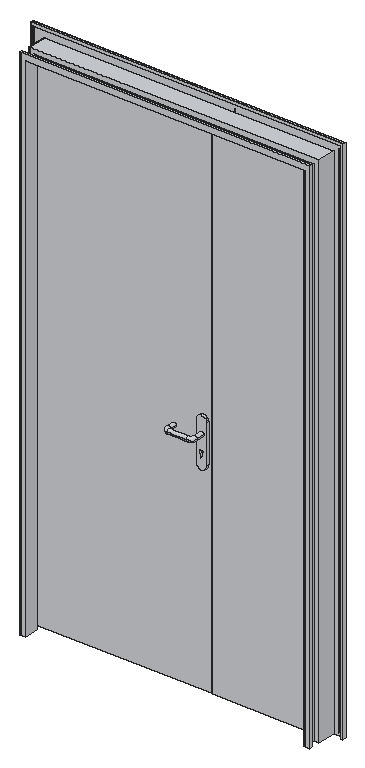
Revit family "Acoustique Applique 47db 2V", category Portes, Revit 2020
Family settings
  Basée sur le plan de construction = Non
  Toujours verticalement = Oui
  Couper avec des vides une fois chargée = Non
  Partagée = Non
  Point de calcul de pièce = Non
Parameters
  Largeur Réservation = 1300 mm
  Elévation par défaut = 0 mm
Reference planes
  plane 1 "Centre (avant/arrière)": y = 0
  plane 2: z = 0
  plane 3 "Centre (gauche/droite)": x = 0
  plane 4: x = -800
  plane 5: x = 500
  plane 6 "Hauteur réservation": z = 2330
  plane 7 "Hauteur Vantail": z = 2314
  plane 8 "Bas du vantail": z = 10
  plane 9 "Niveau béquille": z = 1035
Forms (mm)
  Extrusion 1, solid
    sketch origin (0, 0, 0) x (1, 0, 0) y (0, 1, 0)
      loop
        line (-817.5, 15) -> (-787.5, 15) -> (-787.5, -42.972) -> (-5.271, -42.972) -> (-5.271, -18.972) -> (23.729, -18.972) -> (23.729, 22.827) -> (41.729, 22.827) -> (41.729, 20.028) -> (51.707, 20.028) -> (51.707, 37.028) -> (-817.5, 37.028) -> (-817.5, 15)
    from 10 to 2314
  Extrusion 2, solid
    sketch origin (0, 0, 0) x (1, 0, 0) y (0, 1, 0)
      loop
        line (516.993, 15) -> (516.993, 37.028) -> (54.707, 37.028) -> (54.707, 12) -> (27.729, 12) -> (27.729, -28.498) -> (10, -28.498) -> (10, -25.7) -> (0, -25.7) -> (0, -42.972) -> (487.014, -42.972) -> (487.014, 15) -> (516.993, 15)
    from 10 to 2314
  Sweep 3, solid
    path origin (0, 0, 0) x (1, 0, 0) y (0, 0, 1)
      loop
        line (-800, 0) -> (-800, 2330) -> (500, 2330) -> (500, 0)
    profile origin (-800, 0, 1165) x (-1, 0, 0) y (0, -1, 0)
      loop
        line (35, -1.5) -> (43.5, -1.5) -> (43.5, -13.5) -> (-5, -13.5) -> (-5, 70) -> (-27, 70) -> (-27, 101.371) -> (-28.5, 101.371) -> (-28.5, 118.5) -> (-6.5, 118.5) -> (-6.5, 110) -> (-5, 110) -> (-5, 120) -> (-30, 120) -> (-30, 56.5) -> (-14.373, 56.5) -> (-14.373, 58) -> (-28.5, 58) -> (-28.5, 68.5) -> (-6.5, 68.5) -> (-6.5, -15) -> (45, -15) -> (45, 0) -> (35, 0) -> (35, -1.5)
  Extrusion 4, solid
    sketch origin (0, 0, 0) x (1, 0, 0) y (0, 1, 0)
      loop
        line (-817.5, 15) -> (51.707, 15) -> (51.707, 37.028) -> (-817.5, 37.028) -> (-817.5, 15)
    from 2314 to 2344
  Extrusion 5, solid
    sketch origin (0, 0, 2314) x (-1, 0, 0) y (0, -1, 0)
      loop
        line (-516.993, -15) -> (-516.993, -37.028) -> (-54.707, -37.028) -> (-54.707, -15) -> (-516.993, -15)
    from 0 to 30
Cuts and joins
  joined: Extrusion 2, Extrusion 5
  joined: Extrusion 1, Extrusion 4
Dimensions and locks
  plane 4 to plane 3 "Centre (gauche/droite)" = 800 mm
  plane 3 "Centre (gauche/droite)" to plane 5 = 500 mm
  "Largeur Réservation": plane 4 to plane 5
  locked: plane 6 "Hauteur réservation" to level at 2330
  plane 3 "Centre (gauche/droite)" to Extrusion 1 sketch curve = 23.729 mm
  locked: Extrusion 1 sketch curve to Extrusion 1 sketch curve at 80
  locked: Extrusion 1 sketch curve to Extrusion 1 sketch curve at 30
  locked: Extrusion 1 sketch curve to Extrusion 1 sketch curve at 27.979
  locked: Extrusion 1 sketch curve to Extrusion 1 sketch curve at 29
  locked: Extrusion 1 sketch curve to Extrusion 1 sketch curve at 24
  Extrusion 1 sketch curve to Extrusion 1 sketch curve = 56 mm
  locked: plane 6 "Hauteur réservation" to plane 7 "Hauteur Vantail" at 16
  locked: Extrusion 2 sketch curve to Extrusion 2 sketch curve at 80
  locked: Extrusion 2 sketch curve to Extrusion 2 sketch curve at 22.028
  locked: Extrusion 2 sketch curve to Extrusion 2 sketch curve at 17.729
  locked: Extrusion 2 sketch curve to Extrusion 2 sketch curve at 27.729
  locked: Extrusion 2 sketch curve to Extrusion 2 sketch curve at 54.707
  locked: Extrusion 2 sketch curve to Extrusion 2 sketch curve at 17.272
  locked: Extrusion 2 sketch curve to Extrusion 2 sketch curve at 14.474
  locked: Extrusion 2 sketch curve to Extrusion 2 sketch curve at 54.972
  locked: Sweep 3 to Extrusion 1 sketch curve at 6
  plane 4 to Extrusion 1 sketch curve = 12.5 mm
  locked: Extrusion 2 sketch curve to Sweep 3 at 6.486
  Extrusion 2 sketch curve to Extrusion 2 sketch curve = 29.979 mm
  locked: plane 8 "Bas du vantail" to level at 10
  locked: Extrusion 2 sketch curve to plane 3 "Centre (gauche/droite)"
  Extrusion 2 sketch curve to cut or joined group of Extrusion 2, Extrusion 5 = 10 mm
  Extrusion 1 sketch curve to cut or joined group of Extrusion 2, Extrusion 5 = 4 mm
  locked: Extrusion 1 sketch curve to Extrusion 1 sketch curve at 18
  locked: nested 1 to cut or joined group of Extrusion 1, Extrusion 4 at 65
  locked: plane 9 "Niveau béquille" to level at 1035
  locked: plane 9 "Niveau béquille" to nested 1
  aligned and locked: level to plane 2
  aligned and locked: plane 7 "Hauteur Vantail" to Extrusion 1
  aligned and locked: plane 4 to Sweep 3 sketch curve
  aligned and locked: Sweep 3 sketch curve to plane 6 "Hauteur réservation"
  aligned and locked: Sweep 3 sketch curve to plane 5
  aligned and locked: plane 7 "Hauteur Vantail" to Extrusion 2
  aligned and locked: Extrusion 1 to plane 8 "Bas du vantail"
  aligned and locked: Extrusion 2 to plane 8 "Bas du vantail"
  aligned and locked: Extrusion 4 to plane 7 "Hauteur Vantail"
  aligned and locked: cut or joined group of Extrusion 1, Extrusion 4 to nested 1
  aligned and locked: nested 2 to cut or joined group of Extrusion 1, Extrusion 4
  aligned and locked: Extrusion 4 sketch curve to cut or joined group of Extrusion 1, Extrusion 4
Automatic sketch dimensions
  Sweep 3 sketch curve to level = 0 mm  (x2)
  plane 1 "Centre (avant/arrière)" to Sweep 3 sketch curve = 0 mm
  profile plane to Sweep 3 sketch curve = 30 mm
  Sweep 3 sketch curve to Sweep 3 sketch curve = 1.5 mm  (x10)
  Sweep 3 sketch curve to Sweep 3 sketch curve = 14.127 mm
  profile plane to Sweep 3 sketch curve = 6.5 mm  (x2)
  Sweep 3 sketch curve to profile plane = 35 mm
  Sweep 3 sketch curve to Sweep 3 sketch curve = 8.5 mm  (x2)
  Sweep 3 sketch curve to plane 1 "Centre (avant/arrière)" = 13.5 mm
  plane 1 "Centre (avant/arrière)" to Sweep 3 sketch curve = 56.5 mm
  Sweep 3 sketch curve to Sweep 3 sketch curve = 10.5 mm
  Sweep 3 sketch curve to Sweep 3 sketch curve = 31.371 mm
  Sweep 3 sketch curve to Sweep 3 sketch curve = 8.629 mm
  Sweep 3 sketch curve to plane 1 "Centre (avant/arrière)" = 1.5 mm
  plane 5 to Extrusion 5 sketch curve = 16.993 mm
  plane 3 "Centre (gauche/droite)" to Extrusion 5 sketch curve = 54.707 mm
  Extrusion 5 sketch curve to plane 1 "Centre (avant/arrière)" = 37.028 mm
  Extrusion 5 sketch curve to plane 1 "Centre (avant/arrière)" = 15 mm
  plane 1 "Centre (avant/arrière)" to Extrusion 2 sketch curve = 42.972 mm
  plane 1 "Centre (avant/arrière)" to Extrusion 1 sketch curve = 42.972 mm
  Extrusion 1 sketch curve to plane 1 "Centre (avant/arrière)" = 15 mm
  Extrusion 1 sketch curve to Extrusion 1 sketch curve = 17 mm
  Extrusion 1 sketch curve to Extrusion 1 sketch curve = 2.798 mm
  Extrusion 4 sketch curve to plane 4 = 17.5 mm
  Extrusion 4 sketch curve to plane 1 "Centre (avant/arrière)" = 15 mm
  Extrusion 4 sketch curve to Extrusion 4 sketch curve = 22.028 mm
Nested families
  nested 1: "Béquille Inox" at (-41.271, -42.972, 1002), type "Béquille Inox"
  nested 2: "Béquille Inox" at (-41.271, 37.028, 1002), type "Béquille Inox"
Definition of nested family "Béquille Inox"
  Parameters
    Default Elevation = 0 mm
  Reference planes
    plane 1 "Centre (avant/arrière)": y = 0
    plane 2: z = 0
    plane 3 "Centre (gauche/droite)": x = 0
  Forms (mm)
    Extrusion 1, solid
      sketch origin (0, 0, 0) x (1, 0, 0) y (0, 0, 1)
        loop
          line (-22.5, 86.5) -> (-22.5, -86.5)
          arc (-22.5, -86.5) -> (0, -109) -> (22.5, -86.5) r 22.5
          line (22.5, -86.5) -> (22.5, 86.5)
          arc (22.5, 86.5) -> (0, 109) -> (-22.5, 86.5) r 22.5
      from 0 to 9
    Extrusion 2, void
      sketch origin (0, 0, 0) x (1, 0, 0) y (0, 0, 1)
        loop
          arc (-5, -57) -> (0, -62) -> (5, -57) r 5
          line (5, -57) -> (5, -45.483)
          arc (5, -45.483) -> (0, -29) -> (-5, -45.483) r 9
          line (-5, -45.483) -> (-5, -57)
      from 0 to 17
    Sweep 3, solid
      path origin (0, 0, 0) x (1, 0, 0) y (0, 1, 0)
        loop
          line (0, -9) -> (0, -47)
          arc (0, -47) -> (-4.686, -58.314) -> (-16, -63) r 16
          line (-16, -63) -> (-101, -63)
          arc (-101, -63) -> (-112.314, -58.314) -> (-117, -47) r 16
          line (-117, -47) -> (-117, -18)
      profile origin (0, -28, 0) x (1, 0, 0) y (0, 0, 1)
        loop
          circle (0, 33) r 9.5
  Cuts and joins
    Extrusion 2 cuts Extrusion 1
  Dimensions and locks
    locked: Extrusion 1 sketch curve to Extrusion 1 sketch curve at 173  (x2)
    Extrusion 1 sketch curve to plane 3 "Centre (gauche/droite)" = 22.5 mm  (x2)
    Extrusion 1 sketch curve to level = 86.5 mm  (x2)
    locked: Sweep 3 sketch curve to cut or joined group of Extrusion 1, Extrusion 2 at 54
    Sweep 3 sketch curve to Sweep 3 sketch curve = 16 mm  (x2)
    locked: Sweep 3 sketch curve to Sweep 3 sketch curve at 16  (x2)
    locked: Sweep 3 sketch curve to cut or joined group of Extrusion 1, Extrusion 2
    locked: Sweep 3 sketch curve to Sweep 3 sketch curve at 45
    locked: Sweep 3 sketch curve to Sweep 3 sketch curve at 117
    level to Sweep 3 sketch curve = 33 mm
    aligned and locked: level to plane 2
